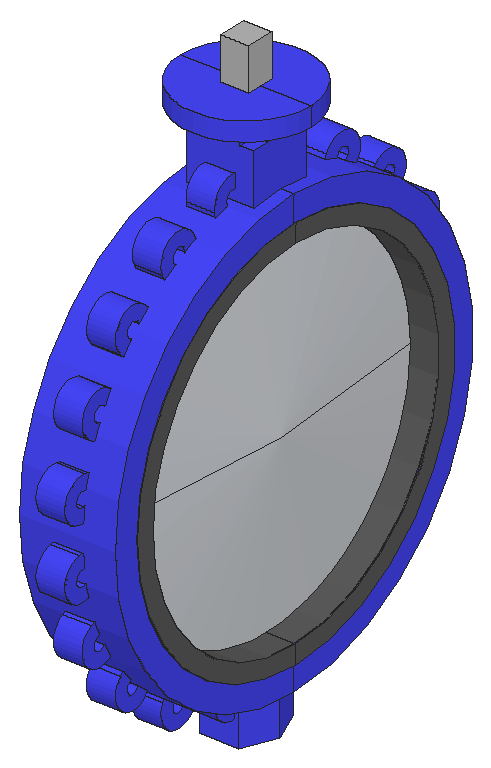
Revit family "931-20-001 DN500-600", category Pipe Accessories, Revit 2022
Family settings
  Round Connector Dimension = Use Diameter
  Part Type = Valve - Breaks Into
  Work Plane-Based = No
  Always vertical = Yes
  Cut with Voids When Loaded = No
  Shared = No
Parameters (values of type "DN600_PN10")
  wafer_fillet = wafer / 2  # 78.75 mm
  wafer_dim2 = size_lookup(Search_table, "wafer_dim2", 0 mm, DN)  # 157.5 mm
  wafer_dim1 = size_lookup(Search_table, "wafer_dim1", 0 mm, DN)  # 30 mm
  wafer_F = size_lookup(Search_table, "wafer_F", 0 mm, DN)  # 41 mm
  wafer = Actuator_Flange_R * 1.5  # 157.5 mm
  support = size_lookup(Search_table, "support", 0 mm, DN)  # 432 mm
  rubber = (D - Bore_R) / 2  # 29.25 mm
  hole1 = G / 2  # 23 mm
  disk22 = disk * 1.3  # 32.5 mm
  disk2 = size_lookup(Search_table, "disk2", 0 mm, DN)  # 577 mm
  disk11 = disk1 * 1.3  # 57.2 mm
  disk1 = size_lookup(Search_table, "disk1", 0 mm, DN)  # 44 mm
  disk = size_lookup(Search_table, "disk", 0 mm, DN)  # 25 mm
  base_dis = D * 1.18  # 423.03 mm
  base1 = C / 5  # 30.8 mm
  base = C * 0.7 / 2  # 53.9 mm
  URL_product_pages = "https://www.avkvalves.com/P.aspx?no=93150020010020200000"
  Slot_dim = size_lookup(Search_table, "Slot_dim", 0 mm, DN) / 2  # 35 mm
  Search_table = "931-20-001 DN500-600"
  PCD_R = size_lookup(Search_table, "PCD_R", 0 mm, DN)  # 362.5 mm
  Hole1 = size_lookup(Search_table, "Hole1", 0 mm, DN)  # 25 mm
  Hole = G * 1.1  # 50.6 mm
  H = size_lookup(Search_table, "H", 0 mm, DN) / 2  # 105 mm
  G = size_lookup(Search_table, "G", 0 mm, DN)  # 46 mm
  Flange_T = size_lookup(Search_table, "Flange_T", 0 mm, DN)  # 30 mm
  Flange_R = size_lookup(Search_table, "Flange_R", 0 mm, DN)  # 350 mm
  F = size_lookup(Search_table, "F", 0 mm, DN)  # 68 mm
  E = size_lookup(Search_table, "E", 0 mm, DN)  # 495 mm
  Description_ = "AVK BUTTERFLY VALVE, LUG, PN10/16"
  Default Elevation = 0 mm
  DN600_PN16 = "931-600-20-020020200000"
  DN600_PN10 = "931-600-20-010020200000"
  DN500_PN16 = "931-500-20-020020200000"
  DN500_PN10 = "931-500-20-010020200000"
  DN = 600 mm
  DISK = 0 mm
  D = size_lookup(Search_table, "D", 0 mm, DN) / 2  # 358.5 mm
  C = size_lookup(Search_table, "C", 0 mm, DN)  # 154 mm
  Bore_R = size_lookup(Search_table, "Bore_R", 0 mm, DN)  # 300 mm
  Body_thickness = B1 * 1.05  # 303.975 mm
  Body_dim1 = C * 0.7  # 107.8 mm
  Body_dim = Actuator_Flange_R * 0.5  # 52.5 mm
  Body_Thickness = size_lookup(Search_table, "Body_Thickness", 0 mm, DN)  # 2 mm
  B1 = B + 1 mm  # 289.5 mm
  B = size_lookup(Search_table, "B", 0 mm, DN) / 2  # 288.5 mm
  Actuator_Flange_R = size_lookup(Search_table, "Actuator_Flange_R", 0 mm, DN) / 2  # 105 mm
  Actuator_FL_T = size_lookup(Search_table, "Actuator_FL_T", 0 mm, DN)  # 30 mm
  2 = 3 mm  # constant formula
  1 = 1 mm  # constant formula
Types (5, lengths in mm): name | wafer_fillet | wafer_dim2 | wafer_dim1 | wafer | support | rubber | hole1 | disk22 | disk2 | disk11 | disk1 | disk | base_dis | base1 | base | Slot_dim | PCD_R | Hole1 | Hole | G | Flange_T | Flange_R | F | E | DN | D | C | Bore_R | Body_thickness | Body_dim1 | Body_dim | B1 | B | Actuator_Flange_R | Actuator_FL_T
  (no name) | 78.75 | 157.5 | 30 | 157.5 | 432 | 29.25 | 23 | 32.5 | 577 | 57.2 | 44 | 25 | 423.03 | 30.8 | 53.9 | 35 | 362.5 | 25 | 50.6 | 46 | 30 | 350 | 68 | 495 | 600 | 358.5 | 154 | 300 | 303.975 | 107.8 | 52.5 | 289.5 | 288.5 | 105 | 30
  DN600_PN10 | 78.75 | 157.5 | 30 | 157.5 | 432 | 29.25 | 23 | 32.5 | 577 | 57.2 | 44 | 25 | 423.03 | 30.8 | 53.9 | 35 | 362.5 | 25 | 50.6 | 46 | 30 | 350 | 68 | 495 | 600 | 358.5 | 154 | 300 | 303.975 | 107.8 | 52.5 | 289.5 | 288.5 | 105 | 30
  DN500_PN10 | 65.625 | 131.25 | 26.5 | 131.25 | 349 | 24.25 | 18 | 26 | 492 | 44.2 | 34 | 20 | 352.23 | 25.4 | 44.45 | 28.5 | 310 | 18 | 39.6 | 36 | 26.5 | 285 | 39 | 403 | 500 | 298.5 | 127 | 250 | 259.35 | 88.9 | 43.75 | 247 | 246 | 87.5 | 20
  DN600_PN16 | 78.75 | 157.5 | 36 | 157.5 | 432 | 29.25 | 23 | 32.5 | 577 | 57.2 | 44 | 25 | 423.03 | 30.8 | 53.9 | 35 | 385 | 25 | 50.6 | 46 | 36 | 350 | 68 | 495 | 600.1 | 358.5 | 154 | 300 | 303.975 | 107.8 | 52.5 | 289.5 | 288.5 | 105 | 30
  DN500_PN16 | 65.625 | 131.25 | 31.5 | 131.25 | 349 | 24.25 | 18 | 26 | 492 | 44.2 | 34 | 20 | 352.23 | 25.4 | 44.45 | 28.5 | 325 | 18 | 39.6 | 36 | 31.5 | 300 | 39 | 403 | 500.1 | 298.5 | 127 | 250 | 259.35 | 88.9 | 43.75 | 247 | 246 | 87.5 | 18
Reference planes
  plane 1 "Center (Front/Back)": y = 0
  plane 2: z = 0
  plane 3 "Center (Left/Right)": x = 0
  plane 4: z = 227.5
  plane 5: x = -77
  plane 6: x = 77
  plane 7: z = 288.5
  plane 8: z = 495
  plane 9: z = 563
  plane 10: x = -23
  plane 11: x = 23
  plane 12: z = -144.25
  plane 13: z = 144.25
  plane 14: y = 23
  plane 15: y = -23
  plane 16: y = 23
  plane 17: y = -23
  plane 18: x = -53.9
  plane 19: x = 53.9
  plane 20: y = 52.5
  plane 21: y = -52.5
  plane 22: z = 465
  plane 23: z = 358.5
  plane 24: z = 290.5
  plane 25: z = 465
  plane 26: x = -80
  plane 27: x = 80
  plane 28: x = -105
  plane 29: x = 105
  plane 30: z = 288.5
  plane 31: z = -288.5
  plane 32: z = -288.5
  plane 33: z = 288.5
  plane 34: x = -23
  plane 35: x = 23
  plane 36: y = 53.9
  plane 37: y = -53.9
  plane 38: x = -12.469
  plane 39: x = 12.469
  plane 40: z = 358.5
  plane 41: z = -358.5
  plane 42: through (0, 0, 0) normal (0, 0.1564, 0.9877)
  plane 43: through (0, 0, 0) normal (0, -0.1564, 0.9877)
  plane 44: through (0, 0, 0) normal (0, 0.9877, 0.1564)
  plane 45: through (0, 0, 0) normal (0, 0.9877, -0.1564)
  plane 46: through (0, 0, 0) normal (0, 0.9877, 0.1564)
  plane 47: through (0, 0, 0) normal (0, 0.9877, -0.1564)
  plane 48: through (0, 0, 0) normal (0, 0.1564, -0.9877)
  plane 49: through (0, 0, 0) normal (0, -0.1564, -0.9877)
  plane 50: through (0, 0, 0) normal (0, -0.454, 0.891)
  plane 51: through (0, 0, 0) normal (0, 0.891, 0.454)
  plane 52: through (0, 0, 0) normal (0, 0.7071, -0.7071)
  plane 53: through (0, 0, 0) normal (0, 0.7071, 0.7071)
  plane 54: through (0, 0, 0) normal (0, 0.891, -0.454)
  plane 55: through (0, 0, 0) normal (0, 0.454, 0.891)
  plane 56: through (0, 0, 0) normal (0, 0.454, 0.891)
  plane 57: through (0, 0, 0) normal (0, 0.891, -0.454)
  plane 58: through (0, 0, 0) normal (0, 0.7071, 0.7071)
  plane 59: through (0, 0, 0) normal (0, -0.7071, 0.7071)
  plane 60: through (0, 0, 0) normal (0, 0.891, 0.454)
  plane 61: through (0, 0, 0) normal (0, -0.454, 0.891)
  plane 62: through (0, 0, 0) normal (0, 0.891, 0.454)
  plane 63: through (0, -239.356, 239.356) normal (0, -0.7071, -0.7071)
  plane 64: through (0, 0, 0) normal (0, 0.454, 0.891)
  plane 65: through (0, 0, 0) normal (0, 0.1564, 0.9877)
  plane 66: through (0, 0, 0) normal (0, 0.9877, 0.1564)
  plane 67: through (0, 0, 0) normal (0, 0.891, -0.454)
  plane 68: through (0, 239.356, 239.356) normal (0, -0.7071, 0.7071)
  plane 69: through (0, 0, 0) normal (0, 0.454, -0.891)
  plane 70: through (0, 0, 0) normal (0, 0.1564, -0.9877)
  plane 71: through (0, 0, 0) normal (0, 0.9877, -0.1564)
Forms (mm)
  Revolve 1, solid, material "Default Roof"
    sketch origin (0, 0, 0) x (1, 0, 0) y (0, 0, 1)
      loop
        line (-77, 289.5) -> (77, 289.5) -> (77, 358.5) -> (-77, 358.5) -> (-77, 289.5)
      axis (-77, 0) -> (77, 0)
    angle from 0 to 360
  Revolve 2, solid, material "Default Roof"
    sketch origin (0, 0, 0) x (1, 0, 0) y (0, 0, 1)
      loop
        line (0, 495) -> (0, 465) -> (105, 465) -> (105, 495) -> (0, 495)
      axis (0, 495) -> (0, 465)
    angle from 0 to 360
  Extrusion 3, solid, material "Default Wall"
    sketch origin (0, 0, 0) x (1, 0, 0) y (0, 0, 1)
      loop
        line (-23, 563) -> (-23, 495) -> (23, 495) -> (23, 563) -> (-23, 563)
    from -23 to 23
  Extrusion 4, solid, material "Default Roof"
    sketch origin (0, 0, 0) x (1, 0, 0) y (0, 0, 1)
      loop
        line (-53.9, 465) -> (-53.9, 288.5) -> (53.9, 288.5) -> (53.9, 465) -> (-53.9, 465)
    from -52.5 to 52.5
  Extrusion 5, void
    sketch origin (0, 0, 0) x (0, 1, 0) y (0, 0, 1)
      loop
        line (52.5, 465) -> (22.5, 465) -> (22.5, 435) -> (52.5, 435) -> (52.5, 465)
      loop
        line (-22.5, 465) -> (-52.5, 465) -> (-52.5, 435) -> (-22.5, 435) -> (-22.5, 465)
    from 31 to 77
  Extrusion 6, void
    sketch origin (0, 0, 0) x (0, 1, 0) y (0, 0, 1)
      loop
        line (22.5, 435) -> (52.5, 435) -> (52.5, 465) -> (22.5, 465) -> (22.5, 435)
      loop
        line (-22.5, 465) -> (-52.5, 465) -> (-52.5, 435) -> (-22.5, 435) -> (-22.5, 465)
    from -77 to -31
  Revolve 7, solid, material "Default"
    sketch origin (0, 0, 0) x (1, 0, 0) y (0, 0, 1)
      loop
        line (-80, 317.75) -> (-80, 288.5) -> (80, 288.5) -> (80, 317.75) -> (77, 317.75) -> (77, 289.5) -> (-77, 289.5) -> (-77, 317.75) -> (-80, 317.75)
      axis (-80, 0) -> (80, 0)
    angle from 0 to 360
  Extrusion 8, solid, material "Default Roof"
    sketch origin (0, 0, 0) x (1, 0, 0) y (0, 1, 0)
      loop
        line (-53.9, 0) -> (-30.8, -53.9) -> (30.8, -53.9) -> (53.9, 0) -> (30.8, 53.9) -> (-30.8, 53.9) -> (-53.9, 0)
    from -432 to -291.5
  Revolve 9, solid
    sketch origin (0, 0, 0) x (1, 0, 0) y (0, 1, 0)
      loop
        line (-57.2, 0) -> (57.2, 0)
        arc (57.2, 0) -> (51.108, 144.786) -> (32.5, 288.5) r 1671.798
        line (32.5, 288.5) -> (-32.5, 288.5)
        arc (-32.5, 288.5) -> (-51.108, 144.786) -> (-57.2, 0) r 1671.798
      axis (-57.2, 0) -> (57.2, 0)
    angle from 0 to 360
  Extrusion 10, solid, material "Default Roof"
    sketch origin (0, 0, 0) x (0, -0.92388, 0.382683) y (0, -0.382683, -0.92388)
      loop
        arc (-360.655, -50.591) -> (-386.517, -92.795) -> (-344.314, -118.657) r 35
        line (-344.314, -118.657) -> (-206.705, -85.62) -> (-327.37, -159.563)
        arc (-327.37, -159.563) -> (-338.924, -207.693) -> (-290.795, -219.248) r 35
        line (-290.795, -219.248) -> (13.561, -32.739) -> (360.655, 50.591)
        arc (360.655, 50.591) -> (386.517, 92.795) -> (344.314, 118.657) r 35
        line (344.314, 118.657) -> (206.705, 85.62) -> (327.37, 159.563)
        arc (327.37, 159.563) -> (338.924, 207.693) -> (290.795, 219.248) r 35
        line (290.795, 219.248) -> (-13.561, 32.739) -> (-360.655, -50.591)
      loop
        circle (-309.082, -189.406) r 12.5
      loop
        circle (-352.484, -84.624) r 12.5
      loop
        circle (352.484, 84.624) r 12.5
      loop
        circle (309.082, 189.406) r 12.5
    from -23 to 23
  Extrusion 11, solid, material "Default Roof"
    sketch origin (0, 0, 0) x (0, -0.92388, 0.382683) y (0, -0.382683, -0.92388)
      loop
        arc (50.591, -360.655) -> (92.795, -386.517) -> (118.657, -344.314) r 35
        line (118.657, -344.314) -> (85.62, -206.705) -> (159.563, -327.37)
        arc (159.563, -327.37) -> (207.693, -338.924) -> (219.248, -290.795) r 35
        line (219.248, -290.795) -> (32.739, 13.561) -> (-50.591, 360.655)
        arc (-50.591, 360.655) -> (-92.795, 386.517) -> (-118.657, 344.314) r 35
        line (-118.657, 344.314) -> (-85.62, 206.705) -> (-159.563, 327.37)
        arc (-159.563, 327.37) -> (-207.693, 338.924) -> (-219.248, 290.795) r 35
        line (-219.248, 290.795) -> (-32.739, -13.561) -> (50.591, -360.655)
      loop
        circle (-189.406, 309.082) r 12.5
      loop
        circle (-84.624, 352.484) r 12.5
      loop
        circle (189.406, -309.082) r 12.5
      loop
        circle (84.624, -352.484) r 12.5
    from -23 to 23
  Extrusion 12, solid, material "Default Roof"
    sketch origin (0, 0, 0) x (0, -0.92388, 0.382683) y (0, -0.382683, -0.92388)
      loop
        arc (-262.039, -252.916) -> (-258.156, -302.261) -> (-208.811, -298.378) r 35
        line (-208.811, -298.378) -> (262.039, 252.916)
        arc (262.039, 252.916) -> (258.156, 302.261) -> (208.811, 298.378) r 35
        line (208.811, 298.378) -> (-262.039, -252.916)
      loop
        circle (-235.425, -275.647) r 12.5
      loop
        circle (235.425, 275.647) r 12.5
    from -23 to 23
  Extrusion 13, solid, material "Default Roof"
    sketch origin (0, 0, 0) x (0, -0.92388, 0.382683) y (0, -0.382683, -0.92388)
      loop
        arc (-171.059, -321.512) -> (-152.117, -367.242) -> (-106.387, -348.3) r 35
        line (-106.387, -348.3) -> (171.059, 321.512)
        arc (171.059, 321.512) -> (152.117, 367.242) -> (106.387, 348.3) r 35
        line (106.387, 348.3) -> (-171.059, -321.512)
      loop
        circle (-138.723, -334.906) r 12.5
      loop
        circle (138.723, 334.906) r 12.5
    from -23 to 23
  Extrusion 14, solid, material "Default Roof"
    sketch origin (0, 0, 0) x (0, -0.92388, 0.382683) y (0, -0.382683, -0.92388)
      loop
        arc (-63.334, -358.636) -> (-31.187, -396.275) -> (6.451, -364.129) r 35
        line (6.451, -364.129) -> (63.334, 358.636)
        arc (63.334, 358.636) -> (31.187, 396.275) -> (-6.451, 364.129) r 35
        line (-6.451, 364.129) -> (-63.334, -358.636)
      loop
        circle (-28.441, -361.383) r 12.5
      loop
        circle (28.441, 361.383) r 12.5
    from -23 to 23
  Extrusion 15, solid, material "Default Roof"
    sketch origin (0, 0, 0) x (0, -0.92388, 0.382683) y (0, -0.382683, -0.92388)
      loop
        line (-364.129, -6.451) -> (358.636, -63.334)
        arc (358.636, -63.334) -> (396.275, -31.187) -> (364.129, 6.451) r 35
        line (364.129, 6.451) -> (-358.636, 63.334)
        arc (-358.636, 63.334) -> (-396.275, 31.187) -> (-364.129, -6.451) r 35
      loop
        circle (361.383, -28.441) r 12.5
      loop
        circle (-361.383, 28.441) r 12.5
    from -23 to 23
  Extrusion 16, solid, material "Default Roof"
    sketch origin (0, 0, 0) x (0, -0.92388, 0.382683) y (0, -0.382683, -0.92388)
      loop
        line (-348.3, 106.387) -> (321.512, -171.059)
        arc (321.512, -171.059) -> (367.242, -152.117) -> (348.3, -106.387) r 35
        line (348.3, -106.387) -> (-321.512, 171.059)
        arc (-321.512, 171.059) -> (-367.242, 152.117) -> (-348.3, 106.387) r 35
      loop
        circle (334.906, -138.723) r 12.5
      loop
        circle (-334.906, 138.723) r 12.5
    from -23 to 23
  Extrusion 17, solid, material "Default Roof"
    sketch origin (0, 0, 0) x (0, -0.92388, 0.382683) y (0, -0.382683, -0.92388)
      loop
        line (-298.378, 208.811) -> (252.916, -262.039)
        arc (252.916, -262.039) -> (302.261, -258.156) -> (298.378, -208.811) r 35
        line (298.378, -208.811) -> (-252.916, 262.039)
        arc (-252.916, 262.039) -> (-302.261, 258.156) -> (-298.378, 208.811) r 35
      loop
        circle (275.647, -235.425) r 12.5
      loop
        circle (-275.647, 235.425) r 12.5
    from -23 to 23
Cuts and joins
  Extrusion 5, Extrusion 6 cuts Revolve 2
  Extrusion 5, Extrusion 6 cuts Extrusion 4
Dimensions and locks
  "B": plane 7 to level
  equal spacing: plane 6, plane 3 "Center (Left/Right)", plane 5
  "C": plane 6 to plane 5
  "E": plane 8 to level
  equal spacing: plane 11, plane 3 "Center (Left/Right)", plane 10
  "G": plane 11 to plane 10
  "F": plane 9 to plane 8
  equal spacing: plane 13, level, plane 12
  "B": plane 13 to plane 12
  "H": Revolve 2 sketch curve to plane 3 "Center (Left/Right)"
  "Actuator_FL_T": plane 8 to Revolve 2 sketch curve
  equal spacing: Extrusion 3 sketch curve, plane 3 "Center (Left/Right)", Extrusion 3 sketch curve
  equal spacing: plane 14, plane 1 "Center (Front/Back)", plane 15
  "G": plane 14 to plane 15
  equal spacing: plane 16, plane 1 "Center (Front/Back)", plane 17
  "G": plane 16 to plane 17
  equal spacing: Extrusion 4 sketch curve, plane 3 "Center (Left/Right)", Extrusion 4 sketch curve
  "Actuator_FL_T": plane 8 to Extrusion 4 sketch curve
  equal spacing: plane 19, plane 3 "Center (Left/Right)", plane 18
  "Body_dim1": plane 19 to plane 18
  equal spacing: plane 20, plane 1 "Center (Front/Back)", plane 21
  "Body_dim": plane 20 to plane 1 "Center (Front/Back)"
  "Actuator_FL_T": plane 8 to Extrusion 5 sketch curve
  "Flange_T": plane 20 to Extrusion 5 sketch curve
  "Actuator_FL_T": plane 8 to plane 22
  "Flange_T": plane 22 to Extrusion 5 sketch curve
  equal spacing: Extrusion 5 sketch curve, plane 1 "Center (Front/Back)", Extrusion 5 sketch curve
  "G": plane 6 to cut or joined group of Extrusion 4, Extrusion 5, Extrusion 6
  "G": cut or joined group of Extrusion 4, Extrusion 5, Extrusion 6 to plane 5
  equal spacing: Revolve 7 sketch curve, plane 3 "Center (Left/Right)", Revolve 7 sketch curve  (x2)
  "2": plane 5 to Revolve 7 sketch curve
  "B1": Revolve 1 sketch curve to level
  "D": plane 23 to level
  "rubber": Revolve 7 sketch curve to plane 7
  "Body_Thickness": plane 24 to plane 7
  "Actuator_FL_T": plane 8 to plane 25
  "Flange_T": plane 25 to cut or joined group of Extrusion 4, Extrusion 5, Extrusion 6
  equal spacing: cut or joined group of Extrusion 4, Extrusion 5, Extrusion 6, plane 1 "Center (Front/Back)", cut or joined group of Extrusion 4, Extrusion 5, Extrusion 6
  "Flange_T": plane 20 to cut or joined group of Extrusion 4, Extrusion 5, Extrusion 6
  equal spacing: plane 27, plane 3 "Center (Left/Right)", plane 26
  "2": plane 5 to plane 26
  plane 27 to plane 26 = 160 mm
  equal spacing: plane 29, plane 3 "Center (Left/Right)", plane 28
  "H": plane 29 to plane 3 "Center (Left/Right)"
  equal spacing: plane 31, level, plane 30
  "disk2": plane 31 to plane 30
  "1": plane 30 to Revolve 7 sketch curve
  plane 6 to plane 5 = 154 mm  (x2)
  plane 28 to plane 29 = 210 mm
  equal spacing: plane 33, level, plane 32
  "disk2": plane 7 to plane 32
  equal spacing: plane 34, plane 3 "Center (Left/Right)", plane 35
  "G": plane 35 to plane 34
  equal spacing: plane 37, plane 1 "Center (Front/Back)", plane 36
  equal spacing: plane 38, plane 3 "Center (Left/Right)", plane 39
  equal spacing: Extrusion 8 sketch curve, plane 3 "Center (Left/Right)", Extrusion 8 sketch curve  (x3)
  "base": plane 1 "Center (Front/Back)" to plane 36
  "base": Extrusion 8 sketch curve to plane 3 "Center (Left/Right)"
  "base1": Extrusion 8 sketch curve to plane 3 "Center (Left/Right)"  (x2)
  "support": level to Extrusion 8
  "2": plane 32 to Extrusion 8
  equal spacing: plane 40, level, plane 41
  plane 40 to plane 41 = 717 mm
  "D": plane 40 to level
  plane 29 to plane 28 = 210 mm
  equal spacing: Revolve 9 sketch curve, plane 3 "Center (Left/Right)", Revolve 9 sketch curve  (x2)
  "disk11": Revolve 9 sketch curve to plane 3 "Center (Left/Right)"
  "disk22": Revolve 9 sketch curve to plane 3 "Center (Left/Right)"
  "B": plane 1 "Center (Front/Back)" to Revolve 9 sketch curve
  "Slot_dim": plane 42 to Extrusion 10 sketch curve
  "PCD_R": plane 45 to Extrusion 10 sketch curve
  "Slot_dim": Extrusion 10 sketch curve to plane 43
  "PCD_R": Extrusion 10 sketch curve to plane 44
  "Slot_dim": Extrusion 10 sketch curve to plane 42
  "Slot_dim": plane 43 to Extrusion 10 sketch curve
  "PCD_R": plane 44 to Extrusion 10 sketch curve
  "PCD_R": Extrusion 10 sketch curve to plane 45
  equal spacing: Extrusion 10 sketch curve, plane 43, Extrusion 10 sketch curve  (x2)
  equal spacing: Extrusion 10 sketch curve, plane 42, Extrusion 10 sketch curve  (x2)
  equal spacing: Extrusion 11 sketch curve, plane 47, Extrusion 11 sketch curve  (x2)
  "Slot_dim": plane 47 to Extrusion 11 sketch curve  (x2)
  "PCD_R": Extrusion 11 sketch curve to plane 49
  "Slot_dim": Extrusion 11 sketch curve to plane 46  (x2)
  "PCD_R": plane 48 to Extrusion 11 sketch curve
  equal spacing: Extrusion 11 sketch curve, plane 46, Extrusion 11 sketch curve  (x2)
  "PCD_R": Extrusion 11 sketch curve to plane 48
  "PCD_R": plane 49 to Extrusion 11 sketch curve
  "Slot_dim": Extrusion 12 sketch curve to plane 50
  equal spacing: Extrusion 12 sketch curve, plane 50, Extrusion 12 sketch curve
  "PCD_R": Extrusion 12 sketch curve to plane 51
  "PCD_R": plane 51 to Extrusion 12 sketch curve
  "Slot_dim": Extrusion 13 sketch curve to plane 52
  equal spacing: Extrusion 13 sketch curve, plane 52, Extrusion 13 sketch curve
  "PCD_R": plane 53 to Extrusion 13 sketch curve
  "PCD_R": Extrusion 13 sketch curve to plane 53
  "Slot_dim": Extrusion 14 sketch curve to plane 54
  equal spacing: Extrusion 14 sketch curve, plane 55, Extrusion 14 sketch curve
  "PCD_R": Extrusion 14 sketch curve to plane 55
  "Slot_dim": Extrusion 15 sketch curve to plane 56
  equal spacing: Extrusion 15 sketch curve, plane 56, Extrusion 15 sketch curve
  equal spacing: Extrusion 15 sketch curve, plane 57, Extrusion 15 sketch curve
  "PCD_R": plane 57 to Extrusion 15 sketch curve
  "Slot_dim": Extrusion 16 sketch curve to plane 58
  equal spacing: Extrusion 16 sketch curve, plane 58, Extrusion 16 sketch curve
  equal spacing: Extrusion 16 sketch curve, plane 59, Extrusion 16 sketch curve
  "PCD_R": Extrusion 16 sketch curve to plane 59
  "Slot_dim": Extrusion 17 sketch curve to plane 60
  equal spacing: Extrusion 17 sketch curve, plane 60, Extrusion 17 sketch curve
  equal spacing: Extrusion 17 sketch curve, plane 61, Extrusion 17 sketch curve
  "PCD_R": Extrusion 17 sketch curve to plane 61
  equal spacing: Extrusion 10, plane 66, Extrusion 10
  equal spacing: Extrusion 10, plane 71, Extrusion 10
  equal spacing: Extrusion 16, plane 68, Extrusion 16
  equal spacing: Extrusion 17, plane 69, Extrusion 17
  equal spacing: Extrusion 11, level, Extrusion 11  (x2)
  equal spacing: Extrusion 12, plane 62, Extrusion 12
  equal spacing: Extrusion 13, plane 63, Extrusion 13
  equal spacing: Extrusion 14, plane 64, Extrusion 14
  equal spacing: Extrusion 15, plane 67, Extrusion 15
  equal spacing: Extrusion 10, plane 1 "Center (Front/Back)", Extrusion 10
  equal spacing: Extrusion 10, level, Extrusion 10
  equal spacing: Extrusion 12, level, Extrusion 15
  equal spacing: Extrusion 13, level, Extrusion 16
  equal spacing: Extrusion 14, level, Extrusion 17
  equal spacing: Extrusion 11, plane 1 "Center (Front/Back)", Extrusion 11
  "Hole1": diameter of Extrusion 10 sketch curve  (x4)
  "Hole1": diameter of Extrusion 15 sketch curve  (x2)
  "Hole1": diameter of Extrusion 16 sketch curve  (x2)
  "Hole1": diameter of Extrusion 17 sketch curve  (x2)
  "Hole1": diameter of Extrusion 11 sketch curve  (x4)
  "Hole1": diameter of Extrusion 14 sketch curve  (x2)
  "Hole1": diameter of Extrusion 13 sketch curve  (x2)
  "Hole1": diameter of Extrusion 12 sketch curve  (x2)
  angle plane 1 "Center (Front/Back)" to plane 47 = 9.00°
  angle plane 46 to plane 1 "Center (Front/Back)" = 9.00°
  angle plane 48 to level = 9.00°
  angle level to plane 49 = 9.00°
  angle plane 50 to level = 27.00°
  angle level to plane 51 = 63.00°
  angle plane 52 to level = 45.00°
  angle level to plane 53 = 45.00°
  angle plane 1 "Center (Front/Back)" to plane 54 = 27.00°
  angle level to plane 56 = 27.00°
  angle plane 57 to level = 63.00°
  angle plane 58 to plane 1 "Center (Front/Back)" = 45.00°
  angle plane 59 to level = 45.00°
  angle level to plane 60 = 63.00°
  angle plane 61 to level = 27.00°
  aligned and locked: level to plane 2
  aligned and locked: plane 5 to Revolve 1 sketch curve
  aligned and locked: plane 6 to Revolve 1 sketch curve
  aligned and locked: Revolve 1 sketch curve to level
  aligned and locked: plane 3 "Center (Left/Right)" to Revolve 2 sketch curve
  aligned and locked: Revolve 2 sketch curve to plane 8
  aligned and locked: Revolve 2 sketch curve to plane 3 "Center (Left/Right)"
  aligned and locked: plane 10 to Extrusion 3 sketch curve
  aligned and locked: plane 8 to Extrusion 3 sketch curve
  aligned and locked: Extrusion 3 sketch curve to plane 9
  aligned and locked: Extrusion 3 to plane 16
  aligned and locked: plane 17 to Extrusion 3
  aligned and locked: Extrusion 4 sketch curve to plane 18
  aligned and locked: plane 7 to Extrusion 4 sketch curve
  aligned and locked: Extrusion 4 to plane 20
  aligned and locked: Extrusion 4 to plane 21
  aligned and locked: Extrusion 5 sketch curve to plane 22
  aligned and locked: plane 21 to Extrusion 5 sketch curve
  aligned and locked: Extrusion 5 sketch curve to Extrusion 5 sketch curve
  aligned and locked: plane 6 to Extrusion 5
  aligned and locked: cut or joined group of Revolve 2, Extrusion 5, Extrusion 6 to Extrusion 6 sketch curve  (x2)
  aligned and locked: Extrusion 6 to plane 5
  aligned and locked: Revolve 7 sketch curve to Revolve 7 sketch curve
  aligned and locked: Revolve 7 sketch curve to level
  aligned and locked: Revolve 7 sketch curve to plane 5
  aligned and locked: Extrusion 6 to plane 20
  aligned and locked: Extrusion 6 to plane 21
  aligned and locked: Extrusion 5 to plane 20
  aligned and locked: cut or joined group of Extrusion 4, Extrusion 5, Extrusion 6 to cut or joined group of Extrusion 4, Extrusion 5, Extrusion 6
  aligned and locked: Revolve 7 sketch curve to plane 7
  aligned and locked: plane 36 to Extrusion 8 sketch curve
  aligned and locked: Extrusion 8 sketch curve to plane 37
  aligned and locked: plane 1 "Center (Front/Back)" to Revolve 9 sketch curve
  aligned and locked: Extrusion 10 to plane 10
  aligned and locked: plane 11 to Extrusion 10
  aligned and locked: Extrusion 11 to plane 34
  aligned and locked: Extrusion 11 to plane 35
  aligned and locked: Extrusion 12 to plane 10
  aligned and locked: Extrusion 12 to plane 11
  aligned and locked: Extrusion 13 to plane 10
  aligned and locked: Extrusion 13 to plane 11
  aligned and locked: Extrusion 14 to plane 10
  aligned and locked: Extrusion 14 to plane 11
  aligned and locked: Extrusion 15 to plane 10
  aligned and locked: Extrusion 15 to plane 11
  aligned and locked: Extrusion 16 to plane 10
  aligned and locked: Extrusion 16 to plane 11
  aligned and locked: Extrusion 17 to plane 10
  aligned and locked: Extrusion 17 to plane 11
  aligned and locked: plane 1 "Center (Front/Back)" to nested 1
  aligned and locked: nested 1 to plane 40
Automatic sketch dimensions
  Extrusion 6 sketch curve to plane 21 = 0 mm
  Extrusion 6 sketch curve to plane 20 = 0 mm
  plane 17 to Extrusion 6 sketch curve = 0.5 mm
  plane 16 to Extrusion 6 sketch curve = 0.5 mm
  Extrusion 6 sketch curve to Extrusion 6 sketch curve = 30 mm  (x2)
  Revolve 1 sketch curve to plane 23 = 0 mm
  plane 10 to Revolve 1 sketch curve = 0.688 mm
  Revolve 1 sketch curve to plane 6 = 7.188 mm
  Revolve 2 sketch curve to plane 25 = 2.849 mm
  Revolve 2 sketch curve to Revolve 2 sketch curve = 2 mm
  Extrusion 5 sketch curve to plane 20 = 0 mm
  plane 5 to Revolve 7 sketch curve = 1.194 mm
  Revolve 7 sketch curve to plane 29 = 28.711 mm
  plane 1 "Center (Front/Back)" to Extrusion 8 sketch curve = 0 mm  (x2)
  plane 1 "Center (Front/Back)" to Revolve 9 sketch curve = 0 mm
  Revolve 9 sketch curve to plane 1 "Center (Front/Back)" = 2.176 mm  (x2)
  Revolve 9 sketch curve to plane 28 = 8.672 mm
  Revolve 9 sketch curve to plane 6 = 1.366 mm
  Extrusion 10 sketch curve to Extrusion 10 sketch curve = 0 mm  (x8)
  Extrusion 10 sketch curve to plane 1 "Center (Front/Back)" = 0 mm
  Extrusion 10 sketch curve to level = 0 mm
  Extrusion 11 sketch curve to Extrusion 11 sketch curve = 0 mm  (x8)
  Extrusion 11 sketch curve to plane 46 = 0 mm
  Extrusion 11 sketch curve to level = 0 mm
  Extrusion 12 sketch curve to Extrusion 12 sketch curve = 0 mm  (x4)
  plane 50 to Extrusion 12 sketch curve = 0 mm
  Extrusion 13 sketch curve to Extrusion 13 sketch curve = 0 mm  (x4)
  plane 52 to Extrusion 13 sketch curve = 0 mm
  Extrusion 14 sketch curve to Extrusion 14 sketch curve = 0 mm  (x4)
  plane 54 to Extrusion 14 sketch curve = 0 mm  (x2)
  Extrusion 15 sketch curve to Extrusion 15 sketch curve = 0 mm  (x4)
  Extrusion 15 sketch curve to plane 56 = 0 mm
  Extrusion 16 sketch curve to Extrusion 16 sketch curve = 0 mm  (x4)
  Extrusion 16 sketch curve to plane 58 = 0 mm
  Extrusion 17 sketch curve to Extrusion 17 sketch curve = 0 mm  (x4)
  Extrusion 17 sketch curve to plane 60 = 0 mm
Nested families
  nested 1: "logo medium-1" at (-53.9, 0, 367.094) x (0, -1, 0) z (-1, 0, 0), type "logo medium-1"
Connectors
  piping at (-80, 0, 0), diameter 600, driven by "DN"
    settings: on Revolve 7, index 1, connector inside diameter 609.6 mm, connector length 0 mm, flow factor 0, pipe flow 0.0 L/s, pressure drop 0.0 Pa, fitting loss kfactor 0, connector angle 0.00°, fixture units 0, engagement length 0 mm, angle of deflection 0.00°, flow configuration 0, flow direction 0, fitting loss method 0, system type 7, joint type 0, gender type 0, connector reference index -1, connector utility 0, adjustable connector no, is connector primary yes, connector description ""
  piping at (80, 0, 0), diameter 600, driven by "DN"
    settings: on Revolve 7, index 2, connector inside diameter 609.6 mm, connector length 0 mm, flow factor 0, pipe flow 0.0 L/s, pressure drop 0.0 Pa, fitting loss kfactor 0, connector angle 0.00°, fixture units 0, engagement length 0 mm, angle of deflection 0.00°, flow configuration 0, flow direction 0, fitting loss method 0, system type 7, joint type 0, gender type 0, connector reference index -1, connector utility 0, adjustable connector no, is connector primary no, connector description ""
Definition of nested family "logo medium-1"
  Parameters
    Default Elevation = 1219.2 mm
  Reference planes
    plane 1 "Center (Front/Back)": y = 0
    plane 2: z = 0
    plane 3 "Center (Left/Right)": x = 0
  Forms (mm)
    Extrusion 1, solid
      sketch origin (0, 0, 0) x (1, 0, 0) y (0, 1, 0)
        loop
          line (-1219.2, 1219.2) -> (-1219.2, -1219.2) -> (1219.2, -1219.2) -> (1219.2, 1219.2) -> (-1219.2, 1219.2)
      from 0 to -188.781
    Extrusion 2, solid
      sketch origin (0, 0, 0) x (1, 0, 0) y (0, 1, 0)
        loop
          line (-30.911, 14.607) -> (-12.952, 14.607) -> (-3.438, -8.594) -> (3.26, -8.594) -> (12.676, 14.607) -> (30.732, 14.607) -> (30.732, 20.529) -> (7.968, 20.529) -> (0, 0) -> (-8.195, 20.529) -> (-30.911, 20.529) -> (-30.911, 14.607)
        loop
          line (30.732, 6.453) -> (30.732, 12.569) -> (24.908, 12.569)
          arc (24.908, 12.569) -> (22.993, 7.075) -> (17.724, 4.608) r 7.492
          line (17.724, 4.608) -> (20.928, 12.569) -> (14.521, 12.569) -> (5.881, -8.594) -> (12.434, -8.594) -> (15.777, -0.405) -> (21.354, -8.594) -> (29.424, -8.594) -> (22.319, 0.649)
          arc (22.319, 0.649) -> (26.344, 2.972) -> (29.424, 6.453) r 14.456
          line (29.424, 6.453) -> (30.732, 6.453)
        loop
          line (-5.865, -8.594) -> (-14.796, 12.569) -> (-30.911, 12.569) -> (-30.911, 6.453) -> (-25.086, 6.453) -> (-30.911, -8.594) -> (-25.086, -8.594) -> (-23.728, -5.084) -> (-13.656, -5.084) -> (-12.175, -8.594) -> (-5.865, -8.594)
        loop
          line (-18.776, 7.618) -> (-21.494, 0) -> (-15.961, 0) -> (-18.776, 7.618)
      from 0 to 2
  Dimensions and locks
    aligned and locked: plane 2 to Extrusion 1
    aligned and locked: level to Extrusion 1
    aligned and locked: Extrusion 2 sketch curve to import instance  (x36)
